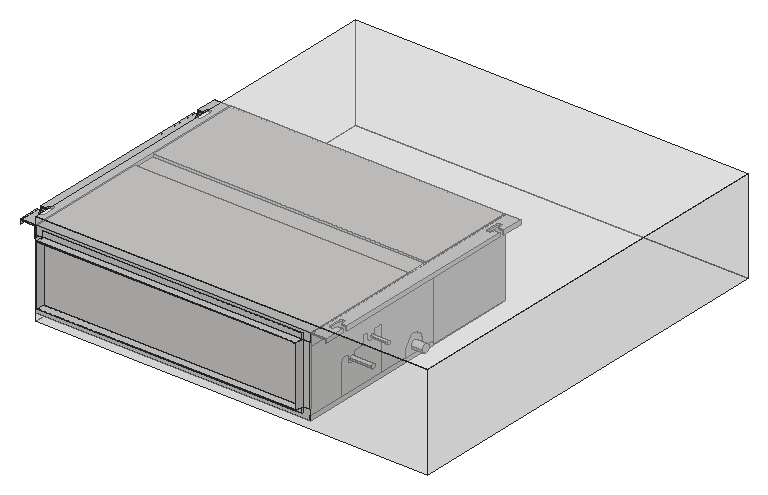
Revit family "outputfile", category 機械設備, Revit 2024
Family settings
  丸型コネクタ寸法 = 半径を使用
  パーツ タイプ = 標準
  OmniClass 番号 = 23.75.10.24.21.27.27
  OmniClass タイトル = Split System Air Conditioning Units
  作業面ベース = いいえ
  常に垂直 = はい
  ロード時にボイドで切り取り = いいえ
  注釈の向きを維持 = いいえ
  共有 = いいえ
  部屋計算ポイント = はい
Parameters (values of type "CDXP35RVM4")
  Description = ""
  書き出し IFC クラス(タイプ) = "IfcUnitaryEquipmentType"
  定義済み IFC タイプ(タイプ) = "AIRCONDITIONINGUNIT"
  Cost = 0
  Type Comments = ""
  Keynote = ""
  Type Image = (empty or 0)
  Assembly Code = ""
  switch_frequency = yes
  ld_powersupply = Depth / 2  # 310.0 mm
  製造元 = "Daikin"
  モデル = "CDXP35RVM4"
  r_Liquid Pipe Size = Liquid Pipe Size / 2  # 3.2 mm
  r_Gas Pipe Size = Gas Pipe Size / 2  # 4.75 mm
  r_Drain Pipe Size = Drain Pipe Size / 2  # 10.0 mm
  lw_powersupply = 50.0 mm  # constant formula
  lw_ductflange2 = 620.0 mm
  lw_Width = 660.0 mm
  lh_suctionflange [instance] = 100.0 mm  # constant formula
  ld_suctionflange [instance] = if(Rear Connection_Return Air, 190.0 mm, 100.0 mm)  # 190.0 mm
  connector_voltage = Voltage_50Hz  # 230 V
  connector_powerinput = if([Power Input (Cooling)] > [Power Input (Heating)], [Power Input (Cooling)], [Power Input (Heating)])  # 0.000 kW
  connector_phase = Phase_50Hz  # 1
  angle_vertical_RA [instance] = if(Rear Connection_Return Air, 90.00°, 0.00°)  # 90.00°
  angle horizontal_RA [instance] = if(Rear Connection_Return Air, 180.00°, 270.00°)  # 180.00°
  Voltage_comment_50Hz = "220 - 240"
  Voltage_50Hz = 230 V
  URL = ""
  Supply Air Direction [instance] = yes
  Sound Power Level_H speed (dB) = 0
  Rear Connection_Return Air [instance] = not(Bottom Connection_Return Air)  # yes
  RA_length [instance] = if(Rear Connection_Return Air, 190.0 mm, 100.0 mm)  # 190.0 mm
  Phase_50Hz = 1
  Minimum External Static Pressure = 0.00 Pa
  Minimum Circuit Amps_50Hz = 0.0 A
  Maximum Fuse Amps_50Hz = 0.0 A
  Maximum External Static Pressure = 30.00 Pa
  Material_Casing = DAIKIN_GalvanizedSteel_Casing_indoorunit
  lw_liquidpipe = 46.0 mm  # constant formula
  lw_gaspipe = 57.0 mm  # constant formula
  lw_mountinghole = 740.0 mm
  lw_drainpipe = 30.0 mm  # constant formula
  lh_powersupply = 150.0 mm  # constant formula
  lh_liquidpipe = 90.0 mm  # constant formula
  lh_gaspipe = 113.0 mm  # constant formula
  lh_mountinghole = Height  # 200.0 mm
  lh_drainpipe = 170.0 mm  # constant formula
  lh_antena = 1.0 mm  # constant formula
  ld_liquidpipe = 193.0 mm  # constant formula
  ld_gaspipe = 130.0 mm  # constant formula
  ld_mountinghole = 500.0 mm  # constant formula
  ld_drainpipe = 330.0 mm  # constant formula
  ld_controlbox = 626.0 mm  # constant formula
  h*** = 0.0 mm  # constant formula
  d_dischargeflange = 21.2 mm  # constant formula
  Width = 700.0 mm
  Version = "ver.1.0"
  Unit Type = "Duct (L.S.P)"
  Unit Mass Weight = 21.00 kg
  Unit Designation [instance] = ""
  Uniclass2015Version = "Products v1.30"
  Uniclass2015Title = "Split coil room air conditioning units"
  Uniclass2015Code = "Pr_70_65_03_86"
  Total Heating Capacity [instance] = 0.000 kW
  Total Cooling Capacity [instance] = 0.000 kW
  Sound Pressure Level_M speed (dBA) = 33
  Sound Pressure Level_L speed (dBA) = 31
  Sound Pressure Level_H speed (dBA) = 35
  Series = "Multi Split_Fan Coil Unit"
  Sensible Cooling Capacity [instance] = 0.000 kW
  SA Duct Size Width = 660.0 mm
  SA Duct Size Height = 153.0 mm
  Refrigerant Type = "R32"
  RA Duct Size Width = 580.0 mm
  RA Duct Size Height = 160.0 mm
  Power Input (Heating) = 0.000 kW
  Power Input (Cooling) = 0.000 kW
  Option Accessory 3 [instance] = ""
  Option Accessory 2 [instance] = ""
  Option Accessory 1 [instance] = ""
  Nominal Heating Capacity = 4.300 kW
  Nominal Cooling Capacity = 3.500 kW
  Minimum Airflow = 438.00 m³/h
  Median Airflow = 480.00 m³/h
  Maximum Airflow = 522.00 m³/h
  Load Classification = HVAC
  Liquid Pipe Size = 6.4 mm
  Link_Nested Family [instance] = ""
  IfcVersion = ""
  IfcExportType = "AIRCONDITIONINGUNIT"
  IfcExportAs = "IfcUnitaryEquipmentType"
  Height = 200.0 mm
  Heating Entering Wet Bulb Temperature [instance] = 0.00 °C
  Heating Entering Dry Bulb Temperature [instance] = 0.00 °C
  Heating Ambient Wet Bulb Temperature [instance] = 0.00 °C
  Heating Ambient Dry Bulb Temperature [instance] = 0.00 °C
  Heat Exchanger Type = "Cross Fin Coil"
  Gas Pipe Size = 9.5 mm
  Frequency_50Hz = 50 Hz
  Fan Type = "Sirocco Fan"
  Fan Drive = "Direct Drive"
  FCU Tag No. [instance] = ""
  Drain Pipe Size = 20.0 mm
  Design Supply Airflow [instance] = 0.00 m³/h
  Design Return Airflow [instance] = 0.00 m³/h
  Design External Static Pressure [instance] = 0.00 Pa
  Depth = 620.0 mm
  既定の高さ = 0.0 mm
  Cooling Entering Wet Bulb Temperature [instance] = 0.00 °C
  Cooling Entering Dry Bulb Temperature [instance] = 0.00 °C
  Cooling Ambient Wet Bulb Temperature [instance] = 0.00 °C
  Cooling Ambient Dry Bulb Temperature [instance] = 0.00 °C
  Clearance visibility [instance] = yes
  Clearance Top = 20.0 mm
  Clearance Right = 300.0 mm
  Clearance Rear = 400.0 mm
  Clearance Left = 0.0 mm
  Clearance Front = 0.0 mm
  Clearance Bottom = 20.0 mm
  Bottom Connection_Return Air [instance] = no
Reference planes
  plane 1 "Center (Front/Back)": y = 0
  plane 2: z = 0
  plane 3 "Center (Left/Right)": x = 0
  plane 4 "Back": y = 310
  plane 5 "Front": y = -310
  plane 6 "Left": x = -350
  plane 7 "Right": x = 350
  plane 8 "Top": z = 0
  plane 9 "Bottom": z = -200
  plane 10: x = -370
  plane 11: x = 370
  plane 12: y = 250
  plane 13: z = 0
  plane 14 "Clearance Left": x = -350
  plane 15 "Clearance Right": x = 650
  plane 16 "Clearance Rear": y = 710
  plane 17 "Clearance Front": y = -310
  plane 18 "Clearance Top": z = 20
  plane 19 "Clearance Bottom": z = -220
  plane 20: y = -250
  plane 21: z = -21
  plane 22: z = -97.5
  plane 23: x = -40
  plane 24: y = 120
  plane 25: z = -100
  plane 26: y = -180
  plane 27: z = -113
  plane 28: y = -117
  plane 29: z = -90
  plane 30: y = 20
  plane 31: z = -170
  plane 32: x = 407
  plane 33: x = 396
  plane 34: x = 380
  plane 35: x = 300
  plane 36: z = -150
Forms (mm)
  Extrusion 1, solid, material "DAIKIN_GalvanizedSteel_Casing_indoorunit" <- "Material_Casing"
    sketch origin (0, 0, 0) x (1, 0, 0) y (0, 1, 0)
      loop
        line (-350, -310) -> (350, -310) -> (350, 310) -> (-350, 310) -> (-350, -310)
    from -200 to 0
  Extrusion 2, void
    sketch origin (0, 0, 1) x (1, 0, 0) y (0, 1, 0)
      loop
        line (-350, 61.5) -> (-350, 3.5) -> (350, 3.5) -> (350, 61.5) -> (-350, 61.5)
    from -1 to -7
  Extrusion 3, solid, material "DAIKIN_GalvanizedSteel_Casing_indoorunit" <- "Material_Casing", visible <- "Bottom Connection_Return Air"
    sketch origin (0, 0, 0) x (1, 0, 0) y (0, 0, 1)
      loop
        line (269, -200) -> (269, -1) -> (-349, -1) -> (-349, -200) -> (269, -200)
    from -310 to -309
  Extrusion 4, solid, material "DAIKIN_GalvanizedSteel_Casing_indoorunit" <- "Material_Casing", visible <- "Rear Connection_Return Air"
    sketch origin (0, 0, 0) x (1, 0, 0) y (0, 1, 0)
      loop
        line (-349, 310) -> (-349, 111) -> (269, 111) -> (269, 310) -> (-349, 310)
    from -200 to -199
  Extrusion 5, solid, material "DAIKIN_GalvanizedSteel_Casing_indoorunit" <- "Material_Casing"
    sketch origin (350, 0, 0) x (0, 1, 0) y (0, 0, 1)
      loop
        circle (-180, -113) r 4.75
    from 0 to 57
  Extrusion 6, solid, material "DAIKIN_GalvanizedSteel_Casing_indoorunit" <- "Material_Casing"
    sketch origin (350, 0, 0) x (0, 1, 0) y (0, 0, 1)
      loop
        circle (-117, -90) r 3.2
    from 0 to 46
  Extrusion 7, solid, material "DAIKIN_GalvanizedSteel_Casing_indoorunit" <- "Material_Casing"
    sketch origin (350, 0, 0) x (0, 1, 0) y (0, 0, 1)
      loop
        circle (20, -170) r 10
    from 0 to 30
  Extrusion 8, solid, material "DAIKIN_GalvanizedSteel_Casing_indoorunit" <- "Material_Casing"
    sketch origin (350, 0, 0) x (0, 1, 0) y (0, 0, 1)
      loop
        line (-310, -200) -> (78.6, -200) -> (78.6, -193)
        arc (78.6, -193) -> (77.721, -190.879) -> (75.6, -190) r 3
        line (75.6, -190) -> (-310, -190) -> (-310, -200)
    from 0 to -1
  Extrusion 9, solid, material "DAIKIN_GalvanizedSteel_Casing_indoorunit" <- "Material_Casing"
    sketch origin (350, 0, 0) x (0, 1, 0) y (0, 0, 1)
      loop
        line (-210, -190) -> (-85.6, -190) -> (-85.6, -83)
        arc (-85.6, -83) -> (-86.479, -80.879) -> (-88.6, -80) r 3
        line (-88.6, -80) -> (-102, -80)
        arc (-102, -80) -> (-104.121, -80.879) -> (-105, -83) r 3
        line (-105, -83) -> (-105, -90)
        arc (-105, -90) -> (-117, -102) -> (-129, -90) r 12
        line (-129, -90) -> (-129, -83)
        arc (-129, -83) -> (-129.879, -80.879) -> (-132, -80) r 3
        line (-132, -80) -> (-136.1, -80)
        arc (-136.1, -80) -> (-138.221, -80.879) -> (-139.1, -83) r 3
        line (-139.1, -83) -> (-139.1, -102.7) -> (-165, -102.7)
        arc (-165, -102.7) -> (-167.121, -103.579) -> (-168, -105.7) r 3
        line (-168, -105.7) -> (-168, -113)
        arc (-168, -113) -> (-180, -125) -> (-192, -113) r 12
        line (-192, -113) -> (-192, -105.7)
        arc (-192, -105.7) -> (-192.879, -103.579) -> (-195, -102.7) r 3
        line (-195, -102.7) -> (-207, -102.7)
        arc (-207, -102.7) -> (-209.121, -103.579) -> (-210, -105.7) r 3
        line (-210, -105.7) -> (-210, -190)
    from 0 to -1
  Extrusion 10, solid, material "DAIKIN_GalvanizedSteel_Casing_indoorunit" <- "Material_Casing"
    sketch origin (350, 0, 0) x (0, 1, 0) y (0, 0, 1)
      loop
        arc (44.5, -170) -> (20, -145.5) -> (-4.5, -170) r 24.5
        line (-4.5, -170) -> (-4.5, -190) -> (44.5, -190) -> (44.5, -170)
    from 0 to -1
  Extrusion 11, solid, material "DAIKIN_GalvanizedSteel_Casing_indoorunit" <- "Material_Casing"
    sketch origin (350, 0, 0) x (0, 1, 0) y (0, 0, 1)
      loop
        arc (86.6, -22) -> (84.479, -22.879) -> (83.6, -25) r 3
        line (83.6, -25) -> (83.6, -194.5)
        arc (83.6, -194.5) -> (84.479, -196.621) -> (86.6, -197.5) r 3
        line (86.6, -197.5) -> (307, -197.5)
        arc (307, -197.5) -> (309.121, -196.621) -> (310, -194.5) r 3
        line (310, -194.5) -> (310, -25)
        arc (310, -25) -> (309.121, -22.879) -> (307, -22) r 3
        line (307, -22) -> (86.6, -22)
    from 0 to -1
Cuts and joins
  Extrusion 2 cuts Extrusion 1
Dimensions and locks
  "Height": plane 8 "Top" to plane 9 "Bottom"
  equal spacing: plane 10, plane 3 "Center (Left/Right)", plane 11
  "lw_mountinghole": plane 10 to plane 11
  equal spacing: plane 6 "Left", plane 3 "Center (Left/Right)", plane 7 "Right"
  "Width": plane 6 "Left" to plane 7 "Right"
  "Clearance Right": plane 7 "Right" to plane 15 "Clearance Right"
  "Clearance Left": plane 14 "Clearance Left" to plane 6 "Left"
  "Clearance Rear": plane 16 "Clearance Rear" to plane 4 "Back"
  "Clearance Front": plane 5 "Front" to plane 17 "Clearance Front"
  "Clearance Top": plane 18 "Clearance Top" to plane 8 "Top"
  "Clearance Bottom": plane 9 "Bottom" to plane 19 "Clearance Bottom"
  "Depth": plane 4 "Back" to plane 5 "Front"
  equal spacing: plane 4 "Back", plane 1 "Center (Front/Back)", plane 5 "Front"
  Extrusion 3 sketch curve to Extrusion 3 sketch curve = 199.0 mm
  locked: plane 20 to plane 5 "Front" at 60
  "ld_mountinghole": plane 12 to plane 20
  locked: plane 8 "Top" to plane 21 at 21
  locked: plane 23 to plane 3 "Center (Left/Right)" at 40
  "ld_suctionflange": plane 4 "Back" to plane 24
  "lh_suctionflange": plane 8 "Top" to plane 25
  "ld_gaspipe": plane 26 to plane 5 "Front"
  "lh_gaspipe": plane 8 "Top" to plane 27
  "ld_liquidpipe": plane 28 to plane 5 "Front"
  "lh_liquidpipe": plane 8 "Top" to plane 29
  "ld_drainpipe": plane 30 to plane 5 "Front"
  "lh_drainpipe": plane 8 "Top" to plane 31
  "lw_gaspipe": plane 7 "Right" to plane 32
  "lw_liquidpipe": plane 7 "Right" to plane 33
  "lw_drainpipe": plane 7 "Right" to plane 34
  "lw_powersupply": plane 35 to plane 7 "Right"
  "lh_powersupply": plane 8 "Top" to plane 36
  "r_Gas Pipe Size": radius of Extrusion 5 sketch curve
  "r_Liquid Pipe Size": radius of Extrusion 6 sketch curve
  "r_Drain Pipe Size": radius of Extrusion 7 sketch curve
  aligned and locked: level to plane 2
  aligned and locked: Extrusion 1 to plane 9 "Bottom"
  aligned and locked: plane 8 "Top" to Extrusion 1
  aligned and locked: plane 11 to nested 2
  aligned and locked: plane 10 to nested 3
  aligned and locked: plane 10 to nested 4
  aligned and locked: plane 8 "Top" to Extrusion 2
  aligned and locked: plane 9 "Bottom" to Extrusion 4  (x2)
  aligned and locked: plane 7 "Right" to cut or joined group of Extrusion 1, Extrusion 2  (x2)
  aligned and locked: plane 3 "Center (Left/Right)" to nested 9
  aligned and locked: plane 6 "Left" to nested 7
  aligned and locked: plane 8 "Top" to nested 9
  aligned and locked: plane 11 to nested 1
  aligned and locked: nested 6 to plane 1 "Center (Front/Back)"
  aligned and locked: plane 3 "Center (Left/Right)" to nested 6
  aligned and locked: level to plane 8 "Top"
  aligned and locked: plane 1 "Center (Front/Back)" to nested 9
  aligned and locked: plane 5 "Front" to nested 10
  aligned and locked: Extrusion 1 sketch curve to plane 5 "Front"
  aligned and locked: plane 21 to nested 10
  aligned and locked: nested 5 to plane 5 "Front"
  aligned and locked: plane 3 "Center (Left/Right)" to nested 5
  aligned and locked: plane 22 to nested 5
  aligned and locked: Extrusion 2 sketch curve to plane 6 "Left"
  aligned and locked: plane 7 "Right" to Extrusion 2 sketch curve
  aligned and locked: nested 11 to plane 23
  aligned and locked: nested 11 to plane 24
  aligned and locked: plane 27 to Extrusion 5 sketch curve
  aligned and locked: plane 26 to Extrusion 5 sketch curve
  aligned and locked: plane 28 to Extrusion 6 sketch curve
  aligned and locked: plane 29 to Extrusion 6 sketch curve
  aligned and locked: plane 31 to Extrusion 7 sketch curve
  aligned and locked: plane 30 to Extrusion 7 sketch curve
  aligned and locked: plane 26 to nested 12
  aligned and locked: nested 12 to plane 27
  aligned and locked: plane 32 to Extrusion 5
  aligned and locked: plane 32 to nested 12
  aligned and locked: plane 33 to Extrusion 6
  aligned and locked: plane 28 to nested 13
  aligned and locked: nested 13 to plane 29
  aligned and locked: plane 33 to nested 13
  aligned and locked: plane 34 to Extrusion 7
  aligned and locked: plane 30 to nested 14
  aligned and locked: nested 14 to plane 31
  aligned and locked: plane 34 to nested 14
  aligned and locked: Extrusion 8 sketch curve to plane 9 "Bottom"
  aligned and locked: Extrusion 8 sketch curve to plane 5 "Front"
  aligned and locked: plane 14 "Clearance Left" to nested 15
  aligned and locked: plane 15 "Clearance Right" to nested 15
  aligned and locked: plane 16 "Clearance Rear" to nested 15
  aligned and locked: nested 15 to plane 17 "Clearance Front"
  aligned and locked: nested 15 to plane 18 "Clearance Top"
  aligned and locked: nested 15 to plane 19 "Clearance Bottom"
  aligned and locked: nested 16 to plane 35
  aligned and locked: nested 16 to plane 36
  aligned and locked: plane 4 "Back" to nested 16
Automatic sketch dimensions
  Extrusion 1 sketch curve to plane 4 "Back" = 0.0 mm
  Extrusion 1 sketch curve to plane 6 "Left" = 0.0 mm
  Extrusion 1 sketch curve to plane 7 "Right" = 0.0 mm
  Extrusion 4 sketch curve to plane 4 "Back" = 0.0 mm
  plane 6 "Left" to Extrusion 3 sketch curve = 1.0 mm
  plane 6 "Left" to Extrusion 4 sketch curve = 1.0 mm
  Extrusion 4 sketch curve to plane 1 "Center (Front/Back)" = 111.0 mm
  Extrusion 3 sketch curve to plane 9 "Bottom" = 0.0 mm
  Extrusion 3 sketch curve to plane 7 "Right" = 81.0 mm
  Extrusion 4 sketch curve to plane 7 "Right" = 81.0 mm
  Extrusion 2 sketch curve to plane 1 "Center (Front/Back)" = 3.5 mm
  Extrusion 2 sketch curve to Extrusion 2 sketch curve = 58.0 mm
  plane 9 "Bottom" to Extrusion 8 sketch curve = 7.0 mm
  Extrusion 8 sketch curve to plane 24 = 44.4 mm
  Extrusion 8 sketch curve to Extrusion 8 sketch curve = 3.0 mm
  Extrusion 9 sketch curve to plane 27 = 0.0 mm
  Extrusion 9 sketch curve to plane 26 = 0.0 mm
  Extrusion 9 sketch curve to plane 29 = 0.0 mm
  Extrusion 9 sketch curve to plane 28 = 0.0 mm
  Extrusion 9 sketch curve to plane 26 = 12.0 mm
  Extrusion 9 sketch curve to plane 25 = 2.7 mm  (x2)
  Extrusion 9 sketch curve to Extrusion 9 sketch curve = 3.0 mm  (x6)
  Extrusion 9 sketch curve to Extrusion 9 sketch curve = 12.0 mm
  plane 9 "Bottom" to Extrusion 9 sketch curve = 10.0 mm
  Extrusion 9 sketch curve to plane 26 = 30.0 mm
  Extrusion 9 sketch curve to plane 28 = 22.1 mm
  Extrusion 9 sketch curve to Extrusion 9 sketch curve = 4.1 mm
  plane 29 to Extrusion 9 sketch curve = 7.0 mm  (x2)
  Extrusion 9 sketch curve to Extrusion 9 sketch curve = 13.4 mm
  Extrusion 10 sketch curve to plane 30 = 0.0 mm
  Extrusion 10 sketch curve to plane 31 = 0.0 mm
  plane 1 "Center (Front/Back)" to Extrusion 10 sketch curve = 4.5 mm
  plane 9 "Bottom" to Extrusion 10 sketch curve = 10.0 mm
  Extrusion 11 sketch curve to plane 4 "Back" = 0.0 mm
  Extrusion 11 sketch curve to Extrusion 11 sketch curve = 3.0 mm  (x3)
  Extrusion 11 sketch curve to plane 21 = 1.0 mm
  Extrusion 11 sketch curve to plane 21 = 4.0 mm
  Extrusion 11 sketch curve to plane 24 = 33.4 mm
  plane 9 "Bottom" to Extrusion 11 sketch curve = 5.5 mm
Nested families
  nested 1: "daikin_mountinghole" at (370, 250, -200), l_antenna <- "lh_antena", Link_Nested Family <- "Link_Nested Family", h_mountinghole <- "lh_mountinghole", type "daikin_mountinghole"
    with show yes, l_antenna 1.0 mm, h_mountinghole 200.0 mm, Link_Nested Family ""
  nested 2: "daikin_mountinghole" at (370, -250, -200), Link_Nested Family <- "Link_Nested Family", l_antenna <- "lh_antena", h_mountinghole <- "lh_mountinghole", type "daikin_mountinghole"
    with show yes, l_antenna 1.0 mm, h_mountinghole 200.0 mm, Link_Nested Family ""
  nested 3: "daikin_mountinghole" at (-370, -250, -200), l_antenna <- "lh_antena", Link_Nested Family <- "Link_Nested Family", h_mountinghole <- "lh_mountinghole", type "daikin_mountinghole"
    with show yes, l_antenna 1.0 mm, h_mountinghole 200.0 mm, Link_Nested Family ""
  nested 4: "daikin_mountinghole" at (-370, 250, -200), l_antenna <- "lh_antena", Link_Nested Family <- "Link_Nested Family", h_mountinghole <- "lh_mountinghole", type "daikin_mountinghole"
    with show yes, l_antenna 1.0 mm, h_mountinghole 200.0 mm, Link_Nested Family ""
  nested 5: "daikin_connector_rotate2" at (0, -310, -97.5), length <- "d_dischargeflange", type "daikin_connector_rotate2"
    with radius 10.0 mm, length 21.2 mm, angle_vertical 90.00°, show_face no
  nested 6: "daikin_△_symbolicline" at (-75, -129.904, 200) x (-0.5, 0.866, 0) z (0, 0, 1), built-in parameter 1001364 <- "Height", visible <- "Supply Air Direction", type "daikin_△_symbolicline"
    with length 300.0 mm
  nested 7: "daikin_ductflange_CDXP-RVM4_1" at (-40, 310, -100), visible <- "Rear Connection_Return Air", material <- "Material_Casing", width <- "lw_ductflange2", type "daikin_ductflange_CDXP-RVM4_1"
    with width 620.0 mm, material DAIKIN_GalvanizedSteel_Casing_indoorunit, height 180.0 mm, depth 21.2 mm
  nested 8: "daikin_ductflange_CDXP-RVM4_1" at (-40, 210, -200) x (1, 0, 0) z (0, 1, 0), visible <- "Bottom Connection_Return Air", material <- "Material_Casing", width <- "lw_ductflange2", type "daikin_ductflange_CDXP-RVM4_1"
    with width 620.0 mm, material DAIKIN_GalvanizedSteel_Casing_indoorunit, height 180.0 mm, depth 21.2 mm
  nested 9: "daikin_hangerfixture_CDXP-RVM4" at (0, 0, 0), type "daikin_hangerfixture_CDXP-RVM4"
  nested 10: "daikin_ductflange_CDXP-RVM4" at (0, 3.5, -364.201), width <- "lw_Width", material <- "Material_Casing", type "daikin_ductflange_CDXP-RVM4"
    with width 660.0 mm, material DAIKIN_GalvanizedSteel_Casing_indoorunit, height 155.0 mm, depth 21.2 mm
  nested 11: "daikin_connector_rotate3" at (-40, 120, -100), length <- "RA_length", angle_vertical <- "angle_vertical_RA", angle_horizontal <- "angle horizontal_RA", type "daikin_connector_rotate3"
    with show no, radius 10.0 mm, length 190.0 mm, angle_vertical 90.00°, angle_horizontal 180.00°
  nested 12: "daikin_connector_rotate2" at (350, -180, -113) x (0, 1, 0) z (0, 0, 1), length <- "lw_gaspipe", radius <- "r_Gas Pipe Size", type "daikin_connector_rotate2"
    with radius 4.75 mm, length 57.0 mm, angle_vertical 90.00°, show_face no
  nested 13: "daikin_connector_rotate2" at (350, -117, -90) x (0, 1, 0) z (0, 0, 1), radius <- "r_Liquid Pipe Size", length <- "lw_liquidpipe", type "daikin_connector_rotate2"
    with radius 3.2 mm, length 46.0 mm, angle_vertical 90.00°, show_face no
  nested 14: "daikin_connector_rotate2" at (350, 20, -170) x (0, 1, 0) z (0, 0, 1), radius <- "r_Drain Pipe Size", length <- "lw_drainpipe", type "daikin_connector_rotate2"
    with radius 10.0 mm, length 30.0 mm, angle_vertical 90.00°, show_face no
  nested 15: "daikin_clearancespace" at (150, 200, -99.881), visible <- "Clearance visibility", Link_Nested Family <- "Link_Nested Family", show <- "Clearance visibility", type "daikin_clearancespace"
    with width 1000.0 mm, show yes, height 240.0 mm, depth 1020.0 mm, Link_Nested Family ""
  nested 16: "daikin_connector_rotate2" at (300, 0, -150) x (-1, 0, 0) z (0, 0, 1), length <- "ld_powersupply", type "daikin_connector_rotate2"
    with radius 10.0 mm, length 310.0 mm, angle_vertical 90.00°, show_face no
Connectors
  hvac at (0, -331.2, -97.5), driven by "SA Duct Size Height", driven by "SA Duct Size Width"
    settings: on nested 5, index 1, duct flow 0.00 m³/h, flow factor 0, pres drop 0.00 Pa, loss coef 0, conn angle 0.00°, conn width 660.0 mm, conn height 153.0 mm, conn diameter 609.6 mm, duct sys type 1, conn prof type 1, flow config 0, flow direction 2, loss method 4, conn ref index -1, conn util no, is conn primary yes, conn desc "SA Duct"
  hvac at (-40, 310, -100), driven by "RA Duct Size Height", driven by "RA Duct Size Width"
    settings: on nested 11, index 2, duct flow 0.00 m³/h, flow factor 0, pres drop 0.00 Pa, loss coef 0, conn angle 0.00°, conn width 580.0 mm, conn height 160.0 mm, conn diameter 609.6 mm, duct sys type 2, conn prof type 1, flow config 0, flow direction 1, loss method 4, conn ref index -1, conn util no, is conn primary no, conn desc "RA Duct"
  piping at (407, -180, -113), diameter 9.5, driven by "r_Gas Pipe Size"
    settings: on nested 12, index 3, connector inside diameter 609.6 mm, connector length 0.0 mm, flow factor 0, pipe flow 0.00 m³/h, pressure drop 0.0 Pa, fitting loss kfactor 0, connector angle 0.00°, fixture units 0, engagement length 0.0 mm, angle of deflection 0.00°, flow configuration 1, flow direction 2, fitting loss method 0, system type 29, joint type 0, gender type 0, connector reference index -1, connector utility 0, adjustable connector no, is connector primary yes, connector description "Refrigerant Gas Piping"
  piping at (396, -117, -90), diameter 6.4, driven by "r_Liquid Pipe Size"
    settings: on nested 13, index 4, connector inside diameter 609.6 mm, connector length 0.0 mm, flow factor 0, pipe flow 0.00 m³/h, pressure drop 0.0 Pa, fitting loss kfactor 0, connector angle 0.00°, fixture units 0, engagement length 0.0 mm, angle of deflection 0.00°, flow configuration 1, flow direction 1, fitting loss method 0, system type 29, joint type 0, gender type 0, connector reference index -1, connector utility 0, adjustable connector no, is connector primary no, connector description "Refrigerant Liquid Piping"
  piping at (380, 20, -170), diameter 20, driven by "r_Drain Pipe Size"
    settings: on nested 14, index 5, connector inside diameter 609.6 mm, connector length 0.0 mm, flow factor 0, pipe flow 0.00 m³/h, pressure drop 0.0 Pa, fitting loss kfactor 0, connector angle 0.00°, fixture units 0, engagement length 0.0 mm, angle of deflection 0.00°, flow configuration 1, flow direction 2, fitting loss method 4, system type 16, joint type 0, gender type 0, connector reference index -1, connector utility 0, adjustable connector no, is connector primary no, connector description "Condensate Drain Piping"
  electrical at (300, 310, -150), driven by "Load Classification", driven by "connector_voltage", driven by "connector_powerinput", driven by "connector_phase"
    settings: on nested 16, index 6, voltage 230 V, apparent load 0 VA, apparent load phase1 0 VA, apparent load phase2 0 VA, apparent load phase3 0 VA, power factor 1, load classification "HVAC", number of poles 1, system type 30, power factor state 1, is connector primary yes, connector utility no, sub classification motor no, connector description "Power Supply"
Definition of nested family "daikin_ductflange_CDXP-RVM4_1"
  Parameters (values of type "daikin_ductflange_CDXP-RVM4_1")
    width [instance] = 620.0 mm
    material [instance] = none
    height [instance] = 180.0 mm
    depth [instance] = 21.2 mm
    Default Elevation = 0.0 mm
  Reference planes
    plane 1 "Center (Front/Back)": y = 0
    plane 2: z = 0
    plane 3 "Center (Left/Right)": x = 0
    plane 4: x = -310
    plane 5: x = 310
    plane 6: z = 90
    plane 7: z = -90
    plane 8: z = 100
    plane 9: z = -100
    plane 10: x = -309
    plane 11: x = 309
  Forms (mm)
    Extrusion 1, solid, material <- "material"
      sketch origin (0, 0, 0) x (1, 0, 0) y (0, 0, 1)
        loop
          line (-290, 80) -> (-290, -80) -> (290, -80) -> (290, 80) -> (-290, 80)
        loop
          line (-309, -99) -> (309, -99) -> (309, 99) -> (-309, 99) -> (-309, -99)
      from 0 to 1
  Dimensions and locks
    equal spacing: plane 5, plane 3 "Center (Left/Right)", plane 4, locked at 310 each
    "width": plane 5 to plane 4
    equal spacing: plane 6, level, plane 7, locked at 90 each
    "height": plane 6 to plane 7
    equal spacing: plane 8, level, plane 9, locked at 100 each
    locked: plane 8 to plane 9 at 200
    plane 10 to plane 4 = 1.0 mm
    locked: plane 5 to plane 11 at 1
    locked: Extrusion 1 sketch curve to Extrusion 1 sketch curve at 19  (x4)
    locked: plane 8 to Extrusion 1 sketch curve at 1
    locked: Extrusion 1 sketch curve to plane 9 at 1
    aligned and locked: level to plane 2
  Automatic sketch dimensions
    plane 4 to Extrusion 1 sketch curve = 1.0 mm
    Extrusion 1 sketch curve to plane 5 = 1.0 mm
Definition of nested family "daikin_hangerfixture_CDXP-RVM4"
  Parameters (values of type "daikin_hangerfixture_CDKS-EAVMA")
    width = 700.0 mm
    material = none
    height = 30.0 mm
    depth = 618.0 mm
    Default Elevation = 0.0 mm
  Reference planes
    plane 1 "Center (Front/Back)": y = 0
    plane 2: z = 0
    plane 3 "Center (Left/Right)": x = 0
    plane 4: x = 350
    plane 5: y = 309
    plane 6: y = -309
    plane 7: x = -350
    plane 8: z = -30
  Forms (mm)
    Extrusion 1, solid, material <- "material"
      sketch origin (0, 0, 0) x (1, 0, 0) y (0, 0, 1)
        loop
          line (350, 0) -> (350, -30) -> (352.3, -30) -> (352.3, -2.3) -> (387.7, -2.3) -> (387.7, -10) -> (390, -10) -> (390, 0) -> (350, 0)
      from -309 to 309
    Extrusion 2, void
      sketch origin (0, 0, 0) x (0, 1, 0) y (0, 0, 1)
        loop
          line (309, -30) -> (309, -17.979) -> (87.935, -17.979) -> (75.914, -30) -> (309, -30)
      from 0 to 450
    Extrusion 3, void
      sketch origin (0, 0, 0) x (1, 0, 0) y (0, 1, 0)
        loop
          line (390, -243.5) -> (377, -243.5) -> (377, -237)
          arc (377, -237) -> (370, -230) -> (363, -237) r 7
          line (363, -237) -> (363, -263)
          arc (363, -263) -> (370, -270) -> (377, -263) r 7
          line (377, -263) -> (377, -256.5) -> (390, -256.5) -> (390, -243.5)
        loop
          line (390, 243.5) -> (390, 256.5) -> (377, 256.5) -> (377, 263)
          arc (377, 263) -> (370, 270) -> (363, 263) r 7
          line (363, 263) -> (363, 237)
          arc (363, 237) -> (370, 230) -> (377, 237) r 7
          line (377, 237) -> (377, 243.5) -> (390, 243.5)
      from -254.96 to 618
    Extrusion 4, solid, material <- "material"
      sketch origin (0, 0, 0) x (-1, 0, 0) y (0, 0, -1)
        loop
          line (350, 0) -> (390, 0) -> (390, 10) -> (387.7, 10) -> (387.7, 2.3) -> (352.3, 2.3) -> (352.3, 30) -> (350, 30) -> (350, 0)
      from -309 to 309
    Extrusion 5, void
      sketch origin (0, 0, 0) x (-1, 0, 0) y (0, -1, 0)
        loop
          line (390, 243.5) -> (390, 256.5) -> (377, 256.5) -> (377, 263)
          arc (377, 263) -> (370, 270) -> (363, 263) r 7
          line (363, 263) -> (363, 237)
          arc (363, 237) -> (370, 230) -> (377, 237) r 7
          line (377, 237) -> (377, 243.5) -> (390, 243.5)
        loop
          line (390, -243.5) -> (377, -243.5) -> (377, -237)
          arc (377, -237) -> (370, -230) -> (363, -237) r 7
          line (363, -237) -> (363, -263)
          arc (363, -263) -> (370, -270) -> (377, -263) r 7
          line (377, -263) -> (377, -256.5) -> (390, -256.5) -> (390, -243.5)
      from -254.96 to 618
  Cuts and joins
    Extrusion 2, Extrusion 3, Extrusion 5 cuts Extrusion 1
    Extrusion 5 cuts Extrusion 4
  Dimensions and locks
    equal spacing: plane 5, plane 1 "Center (Front/Back)", plane 6
    "depth": plane 5 to plane 6
    plane 6 to plane 1 "Center (Front/Back)" to plane 5 = 309.0 mm, 309.0 mm
    equal spacing: plane 4, plane 3 "Center (Left/Right)", plane 7
    "width": plane 4 to plane 7
    "height": level to plane 8
    aligned and locked: level to plane 2
    aligned and locked: plane 5 to Extrusion 1
    aligned and locked: Extrusion 1 to plane 6
    aligned and locked: Extrusion 1 to plane 4
    aligned and locked: plane 5 to cut or joined group of Extrusion 1, Extrusion 2, Extrusion 3, Extrusion 5
    aligned and locked: cut or joined group of Extrusion 1, Extrusion 2, Extrusion 3, Extrusion 5 to plane 6
    aligned and locked: level to cut or joined group of Extrusion 1, Extrusion 2, Extrusion 3, Extrusion 5
    aligned and locked: cut or joined group of Extrusion 1, Extrusion 2, Extrusion 3, Extrusion 5 to plane 8
    aligned and locked: plane 5 to cut or joined group of Extrusion 4, Extrusion 5
    aligned and locked: cut or joined group of Extrusion 4, Extrusion 5 to plane 6
  Automatic sketch dimensions
    Extrusion 1 sketch curve to plane 4 = 0.0 mm
    Extrusion 1 sketch curve to plane 8 = 0.0 mm
    Extrusion 1 sketch curve to level = 0.0 mm
    plane 4 to Extrusion 1 sketch curve = 2.3 mm
    Extrusion 1 sketch curve to level = 2.3 mm
    Extrusion 1 sketch curve to Extrusion 1 sketch curve = 35.4 mm
    Extrusion 1 sketch curve to Extrusion 1 sketch curve = 2.3 mm
    Extrusion 1 sketch curve to Extrusion 1 sketch curve = 7.7 mm
    Extrusion 2 sketch curve to plane 8 = 0.0 mm
    Extrusion 2 sketch curve to plane 5 = 0.0 mm
    plane 8 to Extrusion 2 sketch curve = 12.021 mm
    Extrusion 2 sketch curve to plane 1 "Center (Front/Back)" = 87.935 mm
    Extrusion 2 sketch curve to Extrusion 2 sketch curve = 12.021 mm
    plane 4 to Extrusion 3 sketch curve = 13.0 mm  (x2)
    Extrusion 3 sketch curve to Extrusion 3 sketch curve = 7.0 mm  (x4)
    Extrusion 3 sketch curve to Extrusion 3 sketch curve = 13.0 mm  (x4)
    plane 6 to Extrusion 3 sketch curve = 46.0 mm
    Extrusion 3 sketch curve to Extrusion 3 sketch curve = 6.5 mm  (x4)
    Extrusion 3 sketch curve to plane 5 = 72.0 mm
    Extrusion 4 sketch curve to plane 7 = 0.0 mm
    Extrusion 4 sketch curve to plane 8 = 0.0 mm
    Extrusion 4 sketch curve to level = 0.0 mm
    Extrusion 4 sketch curve to plane 7 = 2.3 mm
    Extrusion 4 sketch curve to level = 2.3 mm
    Extrusion 4 sketch curve to Extrusion 4 sketch curve = 35.4 mm
    Extrusion 4 sketch curve to Extrusion 4 sketch curve = 2.3 mm
    Extrusion 4 sketch curve to Extrusion 4 sketch curve = 7.7 mm
    Extrusion 5 sketch curve to plane 7 = 13.0 mm  (x2)
    Extrusion 5 sketch curve to Extrusion 5 sketch curve = 7.0 mm  (x4)
    Extrusion 5 sketch curve to Extrusion 5 sketch curve = 13.0 mm  (x4)
    Extrusion 5 sketch curve to plane 5 = 46.0 mm
    Extrusion 5 sketch curve to Extrusion 5 sketch curve = 6.5 mm  (x4)
    plane 6 to Extrusion 5 sketch curve = 72.0 mm
Definition of nested family "daikin_ductflange_CDXP-RVM4"
  Parameters (values of type "daikin_ductflange_FXDQ-NDVET")
    width [instance] = 660.0 mm
    material [instance] = none
    height [instance] = 155.0 mm
    depth [instance] = 21.2 mm
    Default Elevation = 0.0 mm
  Reference planes
    plane 1 "Center (Front/Back)": y = 0
    plane 2: z = 189.201
    plane 3 "Center (Left/Right)": x = 0
    plane 4: y = -313.5
    plane 5: x = -330
    plane 6: x = 330
    plane 7: y = -334.7
    plane 8: z = 344.201
    plane 9: z = 266.701
    plane 10: z = 343.201
    plane 11: z = 190.201
  Forms (mm)
    Extrusion 1, solid, material <- "material"
      sketch origin (0, 0, 189.201) x (1, 0, 0) y (0, 1, 0)
        loop
          line (-330, -334.7) -> (-330, -313.5) -> (-350, -313.5) -> (-350, -314.5) -> (-331, -314.5) -> (-331, -334.7) -> (-330, -334.7)
        loop
          line (330, -334.7) -> (331, -334.7) -> (331, -314.5) -> (350, -314.5) -> (350, -313.5) -> (330, -313.5) -> (330, -334.7)
      from 1 to 154
    Extrusion 2, solid, material <- "material"
      sketch origin (0, 0, 0) x (0, 1, 0) y (0, 0, 1)
        loop
          line (-313.5, 343.201) -> (-313.5, 358.201) -> (-314.5, 358.201) -> (-314.5, 344.201) -> (-334.7, 344.201) -> (-334.7, 343.201) -> (-313.5, 343.201)
        loop
          line (-313.5, 190.201) -> (-334.7, 190.201) -> (-334.7, 189.201) -> (-314.5, 189.201) -> (-314.5, 175.201) -> (-313.5, 175.201) -> (-313.5, 190.201)
      from -330 to 330
  Dimensions and locks
    plane 4 to plane 1 "Center (Front/Back)" = 313.5 mm
    "depth": plane 7 to plane 4
    equal spacing: plane 8, plane 9, level
    "height": plane 8 to level
    equal spacing: plane 6, plane 3 "Center (Left/Right)", plane 5
    "width": plane 6 to plane 5
    locked: plane 8 to plane 10 at 1
    locked: plane 11 to level at 1
    locked: Extrusion 1 to Extrusion 2 sketch curve at 1
    locked: Extrusion 2 sketch curve to Extrusion 1 at 1
    plane 10 to plane 11 = 153.0 mm
    aligned and locked: level to plane 2
    aligned and locked: Extrusion 2 to plane 5
    aligned and locked: Extrusion 2 to plane 11
    aligned and locked: Extrusion 2 to plane 10
    aligned and locked: plane 6 to Extrusion 2
    aligned and locked: plane 5 to Extrusion 2  (x2)
    aligned and locked: plane 5 to Extrusion 1  (x2)
    aligned and locked: Extrusion 1 to plane 6
    aligned and locked: plane 6 to Extrusion 1
    aligned and locked: Extrusion 1 to plane 10
  Automatic sketch dimensions
    Extrusion 2 sketch curve to plane 7 = 0.0 mm  (x2)
    Extrusion 2 sketch curve to plane 4 = 0.0 mm  (x2)
    Extrusion 2 sketch curve to plane 11 = 0.0 mm
    Extrusion 2 sketch curve to plane 10 = 0.0 mm
    Extrusion 2 sketch curve to plane 4 = 1.0 mm  (x2)
    Extrusion 2 sketch curve to level = 14.0 mm
    plane 8 to Extrusion 2 sketch curve = 14.0 mm
    Extrusion 1 sketch curve to plane 4 = 0.0 mm  (x2)
    Extrusion 1 sketch curve to plane 7 = 0.0 mm  (x2)
    Extrusion 1 sketch curve to plane 5 = 0.0 mm
    Extrusion 1 sketch curve to plane 6 = 0.0 mm
    Extrusion 1 sketch curve to plane 5 = 1.0 mm
    Extrusion 1 sketch curve to Extrusion 1 sketch curve = 19.0 mm  (x2)
    Extrusion 1 sketch curve to Extrusion 1 sketch curve = 1.0 mm
    Extrusion 1 sketch curve to plane 4 = 1.0 mm  (x2)
Definition of nested family "daikin_clearancespace"
  Parameters (values of type "daikin_clearancespace")
    Description = "daikin_clearancespace"
    width [instance] = 1823.963 mm
    show [instance] = yes
    material = none
    height [instance] = 1359.762 mm
    depth [instance] = 880.0 mm
    Default Elevation = 0.0 mm
    Link_Nested Family [instance] = ""
  Reference planes
    plane 1 "Center (Front/Back)": y = 0
    plane 2 "Center (Elevation)": z = -0.119
    plane 3 "Center (Left/Right)": x = 0
    plane 4: y = 440
    plane 5: y = -440
    plane 6 "Right": x = 911.982
    plane 7 "Left": x = -911.982
    plane 8 "Top": z = 679.762
    plane 9 "Bottom": z = -680
  Forms (mm)
    Extrusion 1, solid, material <- "material", visible <- "show"
      sketch origin (0, 0, 0) x (1, 0, 0) y (0, 1, 0)
        loop
          line (-911.982, 440) -> (-911.982, -440) -> (911.982, -440) -> (911.982, 440) -> (-911.982, 440)
      from -680 to 679.762
  Lines and regions (mm)
    symbolic lines, visible <- "show"
      curve 1: line (911.982, 440, 0) -> (-911.982, 440, 0)
      curve 2: line (-911.982, 440, 0) -> (-911.982, -440, 0)
      curve 3: line (-911.982, -440, 0) -> (911.982, -440, 0)
      curve 4: line (911.982, -440, 0) -> (911.982, 440, 0)
      curve 5: line (911.982, 0, 679.762) -> (-911.982, 0, 679.762)
      curve 6: line (911.982, 0, -680) -> (911.982, 0, 679.762)
      curve 7: line (-911.982, 0, -680) -> (911.982, 0, -680)
      curve 8: line (-911.982, 0, 679.762) -> (-911.982, 0, -680)
      curve 9: line (0, 440, 679.762) -> (0, -440, 679.762)
      curve 10: line (0, -440, 679.762) -> (0, -440, -680)
      curve 11: line (0, 440, -680) -> (0, 440, 679.762)
      curve 12: line (0, -440, -680) -> (0, 440, -680)
  Dimensions and locks
    "width": plane 7 "Left" to plane 6 "Right"
    "depth": plane 4 to plane 5
    "height": plane 8 "Top" to plane 9 "Bottom"
    equal spacing: plane 7 "Left", plane 3 "Center (Left/Right)", plane 6 "Right"
    equal spacing: plane 4, plane 1 "Center (Front/Back)", plane 5
    equal spacing: plane 8 "Top", plane 2 "Center (Elevation)", plane 9 "Bottom"
    aligned and locked: level to plane 2 "Center (Elevation)"
    aligned and locked: Extrusion 1 sketch curve to plane 4
    aligned and locked: plane 7 "Left" to Extrusion 1 sketch curve
    aligned and locked: Extrusion 1 sketch curve to plane 5
    aligned and locked: Extrusion 1 sketch curve to plane 6 "Right"
    aligned and locked: plane 8 "Top" to Extrusion 1
    aligned and locked: curve 1 to Extrusion 1
    aligned and locked: curve 2 to Extrusion 1
    aligned and locked: curve 3 to Extrusion 1
    aligned and locked: curve 4 to Extrusion 1
    aligned and locked: curve 5 to Extrusion 1
    aligned and locked: curve 6 to Extrusion 1
    aligned and locked: curve 7 to Extrusion 1
    aligned and locked: curve 8 to Extrusion 1
    aligned and locked: curve 9 to Extrusion 1
    aligned and locked: curve 10 to Extrusion 1
    aligned and locked: curve 11 to Extrusion 1
    aligned and locked: curve 12 to Extrusion 1
    aligned and locked: Extrusion 1 to plane 9 "Bottom"
Definition of nested family "daikin_mountinghole"
  Parameters (values of type "daikin_mountinghole")
    Default Elevation = 1219.2 mm
    Type Comments = "mountinghole"
    show [instance] = yes
    material = none
    l_centerline = 100.0 mm
    l_antenna [instance] = 100.0 mm
    h_mountinghole [instance] = 0.0 mm
    d_circle = 30.0 mm
    Link_Nested Family [instance] = ""
  Reference planes
    plane 1 "Center (Front/Back)": y = 0
    plane 2: z = 0
    plane 3 "Center (Left/Right)": x = 0
    plane 4: y = 50
    plane 5: x = -50
    plane 6: x = 50
    plane 7: y = -50
    plane 8 "h_mountinghole": z = 0
    plane 9: z = 100
  Lines and regions (mm)
    model lines, detail levels fine
      curve 1: circle (0, 0, 0) r 15 normal (0, 0, 1)
      curve 2: line (-50, 0, 0) -> (50, 0, 0)
      curve 3: line (0, 50, 0) -> (0, -50, 0)
    symbolic lines, detail levels fine
      curve 4: circle (0, 0, 0) r 15 normal (0, 0, 1)
      curve 5: line (-50, 0, 0) -> (50, 0, 0)
      curve 6: line (0, 50, 0) -> (0, -50, 0)
    model lines
      curve 7: line (0, 0, 100) -> (0, 0, 0)
  Dimensions and locks
    equal spacing: plane 4, plane 1 "Center (Front/Back)", plane 7
    "l_centerline": plane 4 to plane 7
    equal spacing: plane 5, plane 3 "Center (Left/Right)", plane 6
    "l_centerline": plane 5 to plane 6
    "l_antenna": plane 9 to plane 8 "h_mountinghole"
    "h_mountinghole": plane 8 "h_mountinghole" to plane 2
    "d_circle": diameter of curve 1
    "d_circle": diameter of curve 4
    aligned and locked: level to plane 2
    aligned and locked: plane 1 "Center (Front/Back)" to curve 1
    aligned and locked: plane 3 "Center (Left/Right)" to curve 1
    aligned and locked: plane 1 "Center (Front/Back)" to curve 2
    aligned and locked: curve 3 to plane 3 "Center (Left/Right)"
    aligned and locked: plane 6 to curve 2
    aligned and locked: plane 5 to curve 2
    aligned and locked: plane 4 to curve 3
    aligned and locked: plane 7 to curve 3
    aligned and locked: plane 1 "Center (Front/Back)" to curve 4
    aligned and locked: plane 3 "Center (Left/Right)" to curve 4
    aligned and locked: plane 6 to curve 5
    aligned and locked: plane 5 to curve 5
    aligned and locked: plane 1 "Center (Front/Back)" to curve 5
    aligned and locked: plane 4 to curve 6
    aligned and locked: plane 7 to curve 6
    aligned and locked: curve 6 to plane 3 "Center (Left/Right)"
    aligned and locked: curve 7 to plane 3 "Center (Left/Right)"
    aligned and locked: plane 9 to curve 7
    aligned and locked: plane 8 "h_mountinghole" to curve 7
Definition of nested family "daikin_connector_rotate2"
  Parameters (values of type "daikin_connector_rotate2")
    show_face = yes
    radius [instance] = 10.0 mm
    length [instance] = 600.0 mm
    d_surface = 10.0 mm
    angle_vertical [instance] = 90.00°
    Default Elevation = 0.0 mm
  Reference planes
    plane 1 "Center (Front/Back)": y = 0
    plane 2: z = 0
    plane 3 "Center (Left/Right)": x = 0
  Forms (mm)
    Extrusion 1, solid, visible <- "show_face"
      sketch origin (0, -600, 0) x (1, 0, 0) y (0, 0, 1)
        loop
          circle (0, 0) r 10
      from 0 to -10
  Lines and regions (mm)
    reference lines
      curve 1: line (0, 0, 0) -> (0, -600, 0)
    symbolic lines
      curve 2: circle (0, 0, 0) r 5 normal (0, 0, 1)
    model lines, visible <- "show_face"
      curve 3: line (0, 0, 0) -> (0, -600, 0)
  Dimensions and locks
    "length": curve 1 to curve 1
    "length": curve 3 to curve 3
    "d_surface": Extrusion 1 to Extrusion 1
    "radius": radius of Extrusion 1 sketch curve
    "angle_vertical": angle curve 1 to plane 1 "Center (Front/Back)"
    "angle_vertical": angle curve 3 to plane 1 "Center (Front/Back)"
    aligned and locked: level to plane 2
    aligned and locked: plane 1 "Center (Front/Back)" to curve 1
    aligned and locked: plane 2 to curve 1
    aligned and locked: plane 1 "Center (Front/Back)" to curve 2
    aligned and locked: plane 3 "Center (Left/Right)" to curve 2
    aligned and locked: plane 1 "Center (Front/Back)" to curve 3
    aligned and locked: plane 2 to curve 3
    aligned and locked: Extrusion 1 to Extrusion 1
  Automatic sketch dimensions
    Extrusion 1 sketch curve to level = 0.0 mm
    Extrusion 1 sketch curve to plane 3 "Center (Left/Right)" = 0.0 mm
    radius of curve 2 = 5.0 mm
Definition of nested family "daikin_△_symbolicline"
  Parameters (values of type "daikin_△_symbolicline")
    length [instance] = 500.0 mm
    Default Elevation = 0.0 mm
  Reference planes
    plane 1 "Center (Front/Back)": y = 0
    plane 2: z = 0
    plane 3 "Center (Left/Right)": x = 0
  Lines and regions (mm)
    symbolic lines
      curve 1: line (0, -433.013, 0) -> (250, 0, 0)
      curve 2: line (250, 0, 0) -> (-250, 0, 0)
      curve 3: line (-250, 0, 0) -> (0, -433.013, 0)
  Dimensions and locks
    equal spacing: curve 3, plane 3 "Center (Left/Right)", curve 2
    "length": curve 3 to curve 2
    "length": curve 3 to curve 3
    "length": curve 1 to curve 1
    aligned and locked: level to plane 2
    aligned and locked: curve 2 to plane 1 "Center (Front/Back)"
    aligned and locked: plane 3 "Center (Left/Right)" to curve 3
Definition of nested family "daikin_connector_rotate3"
  Parameters (values of type "daikin_connector_rotate3")
    Default Elevation = 1219.2 mm
    show [instance] = yes
    radius [instance] = 10.0 mm
    length [instance] = 600.0 mm
    angle_horizontal [instance] = 60.00°
    angle_vertical [instance] = 90.00°
  Reference planes
    plane 1 "Center (Front/Back)": y = 0
    plane 2: z = 0
    plane 3 "Center (Left/Right)": x = 0
  Dimensions and locks
    "angle_horizontal": angle plane 3 "Center (Left/Right)" to nested 1
    aligned and locked: level to plane 2
    aligned and locked: plane 1 "Center (Front/Back)" to nested 1  (x2)
    aligned and locked: plane 3 "Center (Left/Right)" to nested 1
  Nested families
    nested 1: "daikin_connector_rotate2" at (0, 0, 0) x (0.5, 0.866, 0) z (0, 0, 1), angle_vertical <- "angle_vertical", length <- "length", radius <- "radius", type "daikin_connector_rotate2"
      with radius 10.0 mm, length 600.0 mm, angle_vertical 90.00°
  Definition of nested family "daikin_connector_rotate2"
    Parameters (values of type "daikin_connector_rotate2")
      show_face = yes
      radius [instance] = 10.0 mm
      length [instance] = 600.0 mm
      d_surface = 10.0 mm
      angle_vertical [instance] = 90.00°
      Default Elevation = 0.0 mm
    Reference planes
      plane 1 "Center (Front/Back)": y = 0
      plane 2: z = 0
      plane 3 "Center (Left/Right)": x = 0
    Forms (mm)
      Extrusion 1, solid, visible <- "show_face"
        sketch origin (0, -600, 0) x (1, 0, 0) y (0, 0, 1)
          loop
            circle (0, 0) r 10
        from 0 to -10
    Lines and regions (mm)
      reference lines
        curve 1: line (0, 0, 0) -> (0, -600, 0)
      symbolic lines
        curve 2: circle (0, 0, 0) r 5 normal (0, 0, 1)
      model lines, visible <- "show_face"
        curve 3: line (0, 0, 0) -> (0, -600, 0)
    Dimensions and locks
      "length": curve 1 to curve 1
      "length": curve 3 to curve 3
      "d_surface": Extrusion 1 to Extrusion 1
      "radius": radius of Extrusion 1 sketch curve
      "angle_vertical": angle curve 1 to plane 1 "Center (Front/Back)"
      "angle_vertical": angle curve 3 to plane 1 "Center (Front/Back)"
      aligned and locked: level to plane 2
      aligned and locked: plane 1 "Center (Front/Back)" to curve 1
      aligned and locked: plane 2 to curve 1
      aligned and locked: plane 1 "Center (Front/Back)" to curve 2
      aligned and locked: plane 3 "Center (Left/Right)" to curve 2
      aligned and locked: plane 1 "Center (Front/Back)" to curve 3
      aligned and locked: plane 2 to curve 3
      aligned and locked: Extrusion 1 to Extrusion 1
    Automatic sketch dimensions
      Extrusion 1 sketch curve to level = 0.0 mm
      Extrusion 1 sketch curve to plane 3 "Center (Left/Right)" = 0.0 mm
      radius of curve 2 = 5.0 mm
